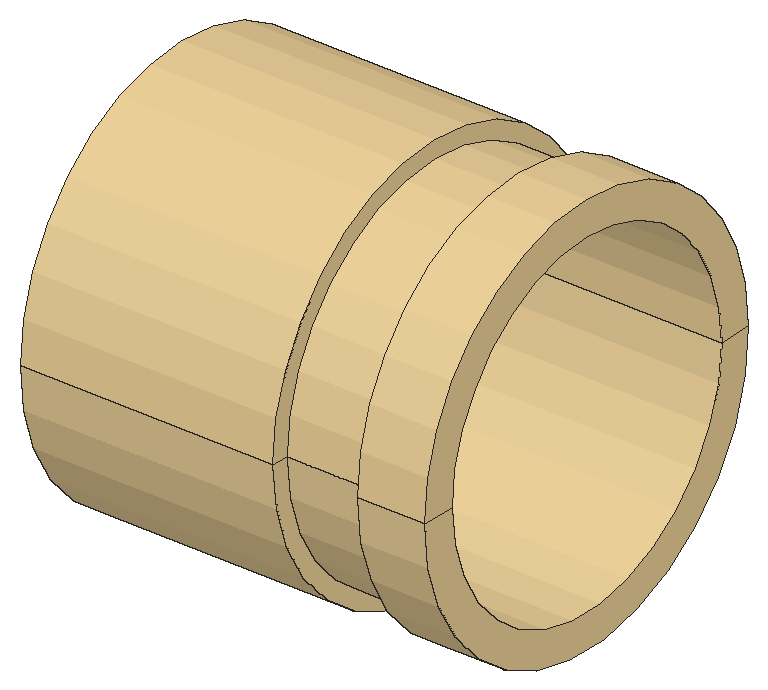
Revit family "ABC-PEX_Фитинг_Надвижная гильза", category Соединительные детали трубопроводов, Revit 2019
Family settings
  Размер круглого соединителя = Использовать диаметр
  Тип детали = Соединение
  На основе рабочей плоскости = Нет
  Всегда вертикально = Нет
  При загрузке вырезать с полостями = Нет
  Общий = Нет
Parameters
  Таблица выбора = "ABC-PEX_Фитинг_Надвижная гильза"  # constant formula
  Маткриал_Корпус = Латунь
  b [instance] = size_lookup(Таблица выбора, "b", 30 mm, DN)  # 24 mm
  a [instance] = size_lookup(Таблица выбора, "a", 30 mm, DN)  # 24 mm
  DN [instance] = 16 mm
  ADSK_Примечание = ""
  ADSK_Наименование [instance] = size_lookup(Таблица выбора, "ADSK_Наименование", "Нет в каталоге", DN)  # "Надвижная гильза DN16"
  ADSK_Масса [instance] = size_lookup(Таблица выбора, "ADSK_Масса", 0, DN)  # 0.008
  ADSK_Марка [instance] = size_lookup(Таблица выбора, "ADSK_Марка", "Нет в каталоге", DN)  # "ABC-F-116"
  ADSK_Завод-изготовитель = "Agpipe"  # constant formula
Reference planes
  plane 1 "По центру (Вперед/Назад)": y = 0
  plane 2: z = 0
  plane 3 "По центру (Влево/Вправо)": x = 0
  plane 4: y = 12
  plane 5: y = -12
  plane 6: x = -12
  plane 7: x = 12
  plane 8: y = 8
  plane 9: y = -8
Forms (mm)
  Revolve 1, solid, material "Латунь" <- "Маткриал_Корпус"
    sketch origin (0, 0, 0) x (1, 0, 0) y (0, 1, 0)
      loop
        line (-12, 12) -> (-12, 10) -> (12, 10) -> (12, 12) -> (8, 12) -> (8, 11) -> (3, 11) -> (3, 12) -> (-12, 12)
      axis (-12, 0) -> (12, 0)
    angle from 0 to 360
Lines and regions (mm)
  reference lines
    curve 1: line (-12, 0, 0) -> (12, 0, 0)
Dimensions and locks
  equal spacing: plane 4, plane 1 "По центру (Вперед/Назад)", plane 5
  "b": plane 4 to plane 5
  equal spacing: plane 6, plane 3 "По центру (Влево/Вправо)", plane 7
  "a": plane 6 to plane 7
  plane 4 to Revolve 1 sketch curve = 2 mm
  equal spacing: plane 9, plane 1 "По центру (Вперед/Назад)", plane 8
  "DN": plane 9 to plane 8
  Revolve 1 sketch curve to Revolve 1 sketch curve to plane 7 = 5 mm locked, 4 mm locked
  Revolve 1 sketch curve to Revolve 1 sketch curve to plane 4 = 1 mm locked, 1 mm locked
  aligned and locked: level to plane 2
  aligned and locked: plane 1 "По центру (Вперед/Назад)" to Revolve 1 sketch curve
  aligned and locked: plane 4 to Revolve 1 sketch curve
  aligned and locked: Revolve 1 sketch curve to plane 4
  aligned and locked: plane 6 to Revolve 1 sketch curve
  aligned and locked: plane 7 to Revolve 1 sketch curve
  aligned and locked: plane 7 to curve 1
  aligned and locked: plane 6 to curve 1
Automatic sketch dimensions
  plane 1 "По центру (Вперед/Назад)" to curve 1 = 0 mm
  plane 6 to Revolve 1 sketch curve = 5 mm
  Revolve 1 sketch curve to plane 7 = 4 mm
Connectors
  piping at (-12, 0, 0), diameter 16, driven by "DN"
    settings: on curve 1, index 1, connector inside diameter 609.6 mm, connector length 0 mm, flow factor 0, pipe flow 0.0 L/s, pressure drop 0.0 Pa, fitting loss kfactor 0, connector angle 0.00°, fixture units 0, engagement length 0 mm, angle of deflection 0.00°, flow configuration 0, flow direction 0, fitting loss method 0, system type 7, joint type 0, gender type 0, connector reference index 2, connector utility 0, adjustable connector no, is connector primary yes, connector description ""
  piping at (12, 0, 0), diameter 16, driven by "DN"
    settings: on curve 1, index 2, connector inside diameter 609.6 mm, connector length 0 mm, flow factor 0, pipe flow 0.0 L/s, pressure drop 0.0 Pa, fitting loss kfactor 0, connector angle 0.00°, fixture units 0, engagement length 0 mm, angle of deflection 0.00°, flow configuration 0, flow direction 0, fitting loss method 0, system type 7, joint type 0, gender type 0, connector reference index 1, connector utility 0, adjustable connector no, is connector primary no, connector description ""
